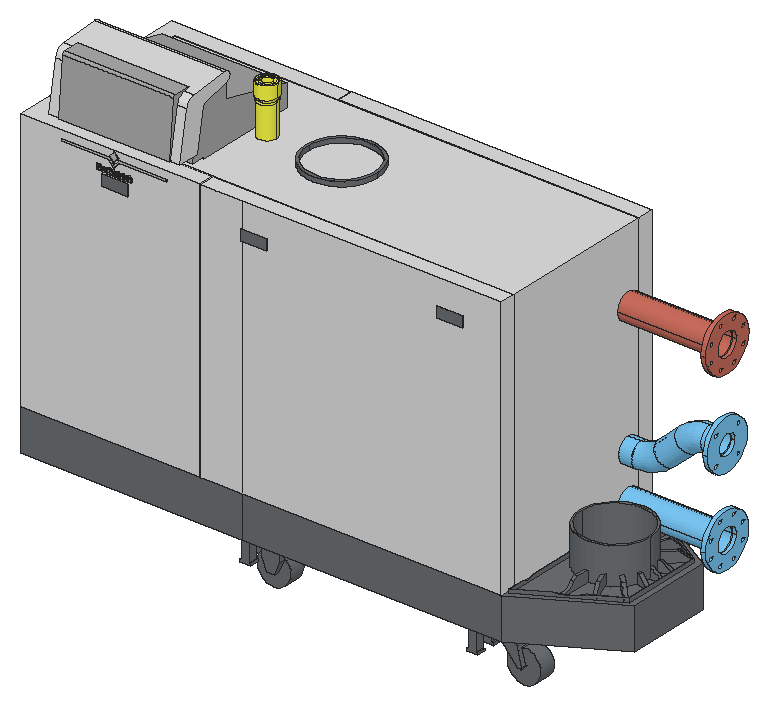
Revit family "HC_Boiler_Condensate Flow_MEPcontent_De Dietrich Thermique_C 340 8-10_Right_FR-FR", category Mechanical Equipment, Revit 2018
Family settings
  Round Connector Dimension = Use Diameter
  Classification = None
  Part Type = Normal
  OmniClass Number = 23.75.10.11.14
  OmniClass Title = Hot Water Heat Generators
  Work Plane-Based = No
  Always vertical = Yes
  Cut with Voids When Loaded = No
  Shared = No
  Room Calculation Point = No
Parameters (values of type "500 VD")
  Yellow = Color RGB 255-255-000
  Wholesaler Art. No. = ""
  Wholesaler = ""
  White = Color RGB 219-219-219
  Watermarked By = "https://mep.trimble.com"
  Voltage = 230 V
  Use Nominal Diameter = yes
  URL = "https://mep.trimble.com"
  Supply Air Flow [instance] = 0.0 L/s
  Stabu Code = ""
  Show Service Space [instance] = no
  Safety Valve Diameter = if(Use Nominal Diameter, 65 mm, 76.1 mm)  # 65 mm
  Safety Valve Connection Size = 40 mm
  Power [instance] = 0 VA
  Optional Connection [instance] = yes
  Logo = Color RGB 165-173-178
  Control Unit on Back [instance] = no
  Revit Version = "2018"  # constant formula
  Red = Color RAL 2002
  Product Line = "De Dietrich Thermique"  # constant formula
  Pipe Type Category = "M561"  # constant formula
  Phase = 1
  Overall Width = 707 mm
  Overall Length = 2172 mm
  Overall Height = 1550 mm
  Model = "500 VD"
  Manufacturer URL = "http://pro.dedietrich-thermique.fr/fr/site_pro"
  Manufacturer Art. No. = "7769081"
  Manufacturer = "De Dietrich Thermique"  # constant formula
  MEPcontent Class = "BOILER_CONDENSATE_FLOW"  # constant formula
  Light Gray = Color RGB 145-145-145
  Control Unit on Side [instance] = not(Control Unit on Back)  # yes
  Internal Art. No. = ""
  IFCExportType = "NOTDEFINED"  # constant formula
  IFCExportAs = "IfcBoiler"  # constant formula
  Hydronic Supply Flow 1 [instance] = Hydronic Return Flow 1  # 0.0 L/s
  Hydronic Return Flow 2 [instance] = 0.0 L/s
  Hydronic Return Flow 1 [instance] = 0.0 L/s
  Grey = Color RAL 7016
  Glass = Color RGB 218-227-224
  Gas Flow [instance] = 0.0 L/s
  GTIN = "8713809338916"
  GLN = "8713809000004"
  Function Code [instance] = ""
  Fuel Connection Size = if(Use Nominal Diameter, 50 mm, 60.3 mm)  # 50 mm
  Flue Gas Flow [instance] = 0.0 L/s
  Flue Connection Size = 250 mm
  Flow and Return Connection Size = if(Use Nominal Diameter, 80 mm, 88.9 mm)  # 80 mm
  Family Version = "12.18"  # constant formula
  ETIM Article Class = "EC010232"  # constant formula
  EMCS Version = "4.0"  # constant formula
  Drain Fixture Units [instance] = 0
  Drain Connection Size = 20 mm
  Description = "C 340 - 500 VD"
  Custom = no
  Copyright = "© Trimble Europe BV"  # constant formula
  Content Supplier URL = "www.MEPcontent.com"
  Connector Placement [instance] = 115 mm  # constant formula
  Condensate Drain Size = 32 mm
  CB-NL Class = ""
  Blue = Color RGB 075-186-252
  Base Family Version = "12.19"  # constant formula
  Article Type = "500 VD"
  Article Description = "C 340 - 500 VD"
  Air Inlet Connection Size = 250 mm
  Access Clearance Top = 450 mm
  Access Clearance Right = 150 mm
  Access Clearance Rear = 300 mm
  Access Clearance Left = 800 mm
  Access Clearance Front = 800 mm
  Access Clearance Bottom = 0 mm
Reference planes
  plane 1 "Center (Front/Back)": y = 0
  plane 2: z = 0
  plane 3 "Center (Left/Right)": x = 0
  plane 4: y = 353.5
  plane 5: y = -353.5
  plane 6: z = 1550
  plane 7: z = 155
  plane 8: z = 1293
  plane 9: x = -713.5
  plane 10: z = 1023
  plane 11: z = 686
  plane 12: z = 366
  plane 13: y = 238.5
  plane 14: x = 1086
  plane 15: x = -1086
  plane 16: x = -1056
  plane 17: y = 238.5
  plane 18: y = 0.5
  plane 19: x = 166
  plane 20: z = 1477
Dimensions and locks
  equal spacing: plane 5, plane 1 "Center (Front/Back)", plane 4
  "Overall Width": plane 4 to plane 5
  "Overall Height": plane 6 to plane 2
  locked: plane 7 to plane 2 at 155
  plane 6 to plane 8 = 257 mm
  nested 1 to plane 4 = 300 mm
  plane 5 to nested 1 = 800 mm
  plane 8 to plane 7 = 1138 mm
  plane 4 to plane 13 = 115 mm
  equal spacing: plane 15, plane 3 "Center (Left/Right)", plane 14
  "Overall Length": plane 15 to plane 14
  plane 14 to plane 9 = 1799.5 mm
  plane 16 to plane 14 = 2142 mm
  locked: plane 12 to level at 366
  locked: plane 11 to plane 12 at 320
  locked: plane 10 to plane 11 at 337
  "Connector Placement": plane 4 to plane 17
  plane 8 to level = 1293 mm
  plane 4 to plane 18 = 353 mm
  plane 19 to plane 14 = 920 mm
  plane 20 to level = 1477 mm
  nested 1 to plane 15 = 150 mm
  aligned and locked: level to plane 2
Nested families
  nested 1: "Service Space" at (650, 0, 0), visible <- "Show Service Space", Show Service Area <- "Show Service Space", type "Service Space"
    with Show Service Area no, Depth 707 mm, Top Clearance 450 mm, Right Clearance 150 mm, Front Clearance 800 mm, Width 2172 mm, Height 1550 mm, Back Clearance 300 mm
  nested 2: "3D Geometry" at (0, 0, 0) x (-1, 0, 0) z (0, 0, 1), Control Unit on Back <- "Control Unit on Back", Optional Connection <- "Optional Connection", type "3D Geometry"
    with Supply Air Flow 0.0 L/s, Show Service Space no, Optional Connection yes, Hydronic Supply Flow 1 0.0 L/s, Hydronic Return Flow 2 0.0 L/s, Hydronic Return Flow 1 0.0 L/s, Gas Flow 0.0 L/s, Function Code "", Flue Gas Flow 0.0 L/s, Drain Fixture Units 0, Control Unit on Side yes, Control Unit on Back no, Connector Placement 115 mm
Connectors
  piping at (1086, 238.5, 366), diameter 80, driven by "Flow and Return Connection Size", driven by "Hydronic Return Flow 1"
    settings: on nested 2, index 1, connector inside diameter 609.6 mm, connector length 0 mm, flow factor 0, pipe flow 0.0 L/s, pressure drop 0.0 Pa, fitting loss kfactor 0, connector angle 0.00°, fixture units 0, engagement length 0 mm, angle of deflection 0.00°, flow configuration 1, flow direction 1, fitting loss method 0, system type 8, joint type 0, gender type 0, connector reference index -1, connector utility 0, adjustable connector no, is connector primary no, connector description "Hydronic Return 1[0]"
  piping at (1086, 238.5, 686), diameter 65, driven by "Safety Valve Diameter", driven by "Hydronic Return Flow 2"
    settings: on nested 2, index 2, connector inside diameter 609.6 mm, connector length 0 mm, flow factor 0, pipe flow 0.0 L/s, pressure drop 0.0 Pa, fitting loss kfactor 0, connector angle 0.00°, fixture units 0, engagement length 0 mm, angle of deflection 0.00°, flow configuration 0, flow direction 1, fitting loss method 0, system type 8, joint type 0, gender type 0, connector reference index -1, connector utility 0, adjustable connector no, is connector primary no, connector description "Hydronic Return 2[0]"
  piping at (1086, 238.5, 1023), diameter 80, driven by "Flow and Return Connection Size", driven by "Hydronic Supply Flow 1"
    settings: on nested 2, index 3, connector inside diameter 609.6 mm, connector length 0 mm, flow factor 0, pipe flow 0.0 L/s, pressure drop 0.0 Pa, fitting loss kfactor 0, connector angle 0.00°, fixture units 0, engagement length 0 mm, angle of deflection 0.00°, flow configuration 0, flow direction 2, fitting loss method 0, system type 7, joint type 0, gender type 0, connector reference index -1, connector utility 0, adjustable connector no, is connector primary yes, connector description "Hydronic Supply 1[0]"
  piping at (858.015, 0, 447), diameter 250, driven by "Flue Connection Size", driven by "Flue Gas Flow"
    settings: on nested 2, index 4, connector inside diameter 609.6 mm, connector length 0 mm, flow factor 0, pipe flow 0.0 L/s, pressure drop 0.0 Pa, fitting loss kfactor 0, connector angle 0.00°, fixture units 0, engagement length 0 mm, angle of deflection 0.00°, flow configuration 1, flow direction 2, fitting loss method 0, system type 22, joint type 0, gender type 0, connector reference index -1, connector utility 0, adjustable connector no, is connector primary no, connector description "Flue Gas"
  piping at (-445, 0.5, 1477), diameter 50, driven by "Fuel Connection Size", driven by "Gas Flow"
    settings: on nested 2, index 5, connector inside diameter 609.6 mm, connector length 0 mm, flow factor 0, pipe flow 0.0 L/s, pressure drop 0.0 Pa, fitting loss kfactor 0, connector angle 0.00°, fixture units 0, engagement length 0 mm, angle of deflection 0.00°, flow configuration 1, flow direction 1, fitting loss method 0, system type 22, joint type 0, gender type 0, connector reference index -1, connector utility 0, adjustable connector no, is connector primary no, connector description "Gas"
  piping at (-496.822, 0, 130), diameter 32, driven by "Condensate Drain Size", driven by "Drain Fixture Units"
    settings: on nested 2, index 6, connector inside diameter 609.6 mm, connector length 0 mm, flow factor 0, pipe flow 0.0 L/s, pressure drop 0.0 Pa, fitting loss kfactor 0, connector angle 0.00°, fixture units 0, engagement length 0 mm, angle of deflection 0.00°, flow configuration 3, flow direction 2, fitting loss method 0, system type 16, joint type 0, gender type 0, connector reference index -1, connector utility 0, adjustable connector no, is connector primary no, connector description "Drain"
  hvac at (-166, 0.5, 1310), driven by "Air Inlet Connection Size", driven by "Supply Air Flow"
    settings: on nested 2, index 7, duct flow 0.0 L/s, flow factor 0, pres drop 0.0 bar, loss coef 0, conn angle 0.00°, conn width 304.8 mm, conn height 304.8 mm, conn diameter 250 mm, duct sys type 1, conn prof type 0, flow config 1, flow direction 1, loss method 0, conn ref index -1, conn util no, is conn primary yes, conn desc "Supply Air"
  electrical at (-1087.347, -0.5, 800.5), driven by "Phase", driven by "Voltage", driven by "Power"
    settings: on nested 2, index 8, voltage 230 V, apparent load 0 VA, apparent load phase1 0 VA, apparent load phase2 0 VA, apparent load phase3 0 VA, power factor 1, load classification "Other", number of poles 1, system type 30, power factor state 1, is connector primary yes, connector utility no, sub classification motor no, connector description "Voltage"
Definition of nested family "3D Geometry"
  Parameters (values of type "3D Geometry")
    Yellow = none
    Wholesaler Art. No. = ""
    Wholesaler = ""
    White = none
    Weekly = ""
    Watermarked By = "www.stabiplan.com"
    Water Treatment Required = yes
    Water Content = 82.0 L
    Warranty ID = ""
    Voltage = 230 V
    Use Nominal Diameter = yes
    URL = "www.stabiplan.com"
    Type = "Space heating"
    Turndown Ratio = "4.9"
    Supply Phase = 1
    Supply Air Flow [instance] = 0.0 L/s
    Starting Current = 0 A
    Stabu Code = ""
    Sound Pressure Level = "81.4 dBA"
    Show Service Space [instance] = no
    Shipping Weight = 0.00 kg
    Shape = "Rectangular (Horizontal)"
    Safety Valve Diameter = if(Use Nominal Diameter, 65 mm, 76.1 mm)  # 65 mm
    Safety Valve Connection Type = "Threaded"
    Safety Valve Connection Size = 40 mm
    Optional Connection [instance] = no
    Logo = none
    Light Gray = none
    Control Unit on Back [instance] = no
    Revit Version = "2018"  # constant formula
    Responsible Sourcing of Materials = ""
    Responsible Extraction of Materials = ""
    Reference Standard = "2009/142EC 92/42EEC"
    Red = none
    Rated Output = 460 W
    Rated Criteria = "80/60"
    Quarterly = ""
    Product Range = "Gas 320 Ace 500"
    Product Model Number = ""
    Product Literature = "https://www.remeha.co.uk/product-documents/current-literature"
    Product Line = "Gas 320 Ace"  # constant formula
    Primary Fuel = "Gas - NG"
    Pipe Type Category = "M561"  # constant formula
    Phase = 1
    Overall Width = 707 mm
    Overall Length = 2172 mm
    Overall Height = 1550 mm
    Optional Fuel = "No Optional Fuel"
    Oil Consumption rate = 0
    O&M Manual = "https://www.remeha.co.uk/product-documents/current-literature"
    Nominal Oil Inlet Pressure = 0.0 bar
    Nominal Gas Inlet Pressure = 0.017 bar
    NOx Emissions = "0 mg/kWh"
    Mounting = "Floor Standing"
    Monthly = ""
    Model = "500"
    Minimum Power Consumption = 61 W
    Minimum Operating Pressure = 0.8 bar
    Minimum Oil Inlet Pressure = 0.0 bar
    Minimum Gas Inlet Pressure = 0.017 bar
    Minimum Flow Rate at 20C temperature differential = 5.61 L/s
    Minimum Flow Rate at 11C temperature differential = 10.2 L/s
    Maximum Power Consumption = 723 W
    Maximum Operating Pressure = 7.0 bar
    Maximum Oil Inlet Pressure = 0.0 bar
    Maximum Gas Inlet Pressure = 0.1 bar
    Material Ingredient Reporting = ""
    Manufacturer Website = "https://www.remeha.co.uk/"
    Manufacturer URL = "https://www.remeha.co.uk/"
    Manufacturer Art. No. = ""
    Manufacturer = "Remeha"  # constant formula
    Maintenance Required 8001-12000hrs = ""
    Maintenance Required 601-1000hrs = ""
    Maintenance Required 4001-8000hrs = ""
    Maintenance Required 301-600hrs = ""
    Maintenance Required 2001-4000hrs = ""
    Maintenance Required 1001-2000hrs = ""
    Maintenance Required 0-300hrs = ""
    MEPcontent Class = "BOILER_CONDENSATE_FLOW"  # constant formula
    Location of Manufacturer = ""
    Life Cycle Analysis = 0
    Control Unit on Side [instance] = if(Control Unit on Back, 1 = 0, 1 = 1)  # yes
    Internal Art. No. = ""
    Interlocks = yes
    IP Rating = "X1B"
    IK Rating = ""
    IFCExportType = "NOTDEFINED"  # constant formula
    IFCExportAs = "IfcBoiler"  # constant formula
    Hydronic Supply Flow 1 [instance] = Hydronic Return Flow 1  # 0.0 L/s
    Hydronic Return Flow 2 [instance] = 0.0 L/s
    Hydronic Return Flow 1 [instance] = 0.0 L/s
    Hydraulic Resistance at 20C temperature differential = 0.11 bar
    Hydraulic Resistance at 11C temperature differential = 0.364 bar
    Heater Operation = "Condensing"
    Heat Exchanger Material = "Aluminium"
    Gross Weight = 495.00 kg
    Grey = none
    Green Guide for Specification = ""
    Glass = none
    Gas Flow [instance] = 0.0 L/s
    Gas Consumption rate = "49.6 m3/h"
    GTIN = ""
    GLN = "8713809000004"
    Fuse Rating = 10 A
    Function Code [instance] = ""
    Full Load Current = 0 A
    Fuel Connection Type = "Threaded"
    Fuel Connection Size = if(Use Nominal Diameter, 50 mm, 60.3 mm)  # 50 mm
    Frequency = 50 Hz
    Flue or Air Intake Classification = "B23,B23P,C33,C53,C63,C83,C93"
    Flue Gas Flow [instance] = 0.0 L/s
    Flue Connection Size = 250 mm
    Flow and Return Connection Type = "Flanged"
    Flow and Return Connection Size = if(Use Nominal Diameter, 80 mm, 88.9 mm)  # 80 mm
    Finish = "Gloss Grade 70% ISO2813"
    Features = "Remeha's Gas 320 Ace 500 range are compact high efficiency floor standing gas condensing boilers. Ideally suited for single or multiple cascade arrangments for new and refurbishment projects"
    Family Version = "12.17"  # constant formula
    External Material = "Steel"
    Expected Life = "15"
    ErP Seasonal Efficiency = "0 %"
    ErP Rated Efficiency at Part Load = "0 %"
    ErP Rated Efficiency at Full Load = "0 %"
    ErP Energy Label = ""
    Environmental Product Declaration = ""
    Energy Technology List = ""
    ETIM Article Class = "EC010232"  # constant formula
    EMCS Version = "4.0"  # constant formula
    Drain Fixture Units [instance] = 0
    Embodied Carbon  = ""
    Drain Connection Type = "Unset"
    Drain Connection Size = 20 mm
    Description = "Gas condensing boilers"
    Daily = ""
    Custom = no
    Copyright = "© Stabiplan International BV"  # constant formula
    Control Type = "R-Bus,0 - 10V, Open Therm, Volt free enable, Direct boiler weather compensating control systems available from Remeha as optional extra's."
    Content Supplier URL = "www.MEPcontent.com"
    Connector Placement [instance] = 115 mm  # constant formula
    Configuration = "Single boiler"
    Condensate Drain Type = "Threaded"
    Condensate Drain Size = 32 mm
    Colour = "RAL 2002Red : RAL 7016 Dark Grey"
    CE Approval = "0063CU3937"
    CB-NL Class = ""
    Burner Control Type = "Modulating"
    Building Regulations Seasonal Efficiency = "0%"
    Blue = none
    Bespoke Timeframe = ""
    Base Family Version = "12.17"  # constant formula
    BMS Links = yes
    Article Type = "500"
    Article Description = "Gas condensing boilers"
    Annually = "As per attached URL O & M Manual"
    Air Inlet Connection Size = 250 mm
    Additional Technical Details = ""
    Access Clearance Top = 450 mm
    Access Clearance Right = 150 mm
    Access Clearance Rear = 300 mm
    Access Clearance Left = 800 mm
    Access Clearance Front = 800 mm
    Access Clearance Bottom = 0 mm
    6 Monthly = ""
  Reference planes
    plane 1 "Center (Front/Back)": y = 0
    plane 2: z = 0
    plane 3 "Center (Left/Right)": x = 0
    plane 4: y = 353.5
    plane 5: y = -353.5
    plane 6: z = 1550
    plane 7: z = 155
    plane 8: z = 1293
    plane 9: x = -713.5
    plane 10: z = 1023
    plane 11: z = 686
    plane 12: z = 366
    plane 13: y = 238.5
    plane 14: x = 1086
    plane 15: x = -1086
    plane 16: x = -1056
    plane 17: y = 238.5
    plane 18: y = 0.5
    plane 19: x = 166
    plane 20: z = 1477
  Forms (mm)
    Extrusion 1, solid, material <- "Grey", detail levels fine
      sketch origin (14.5, 351, 0) x (-1, 0, 0) y (0, -1, 0)
        loop
          line (-243, -2.5) -> (738, -2.5) -> (1070.5, 189.939) -> (1070.5, 508.061) -> (729.316, 704.5) -> (-243, 704.5) -> (-1071.5, 704.5) -> (-1071.5, -2.5) -> (-243, -2.5)
      from 155 to 310
    Extrusion 2, solid, material <- "Grey", detail levels fine
      sketch origin (-139.5, 247.05, 366) x (0, 0, -1) y (-1, 0, 0)
        loop
          circle (303.778, 614.479) r 62.485
      from -11.05 to 48.95
    Extrusion 3, solid, material <- "Grey", detail levels fine
      sketch origin (-139.5, 247.05, 366) x (0, 0, -1) y (-1, 0, 0)
        loop
          line (211, 594.5) -> (211, 519.5) -> (308.122, 600.995) -> (308.122, 614.5)
          arc (308.122, 614.5) -> (306.314, 618.167) -> (302.304, 618.965) r 4.622
          line (302.304, 618.965) -> (211, 594.5)
      from 0 to 63.95
    Extrusion 4, solid, material <- "Grey", detail levels fine
      sketch origin (14.5, 247.05, 366) x (0, 0, -1) y (-1, 0, 0)
        loop
          line (296, 584.5) -> (296, 578.287) -> (306, 578.287) -> (306, 620.713) -> (296, 620.713) -> (296, 614.5) -> (211, 614.5) -> (211, 584.5) -> (296, 584.5)
      from -24.05 to 5.95
    Extrusion 5, solid, material <- "Grey", detail levels fine
      sketch origin (14.5, 302.436, 366) x (0, 0, -1) y (1, 0, 0)
        loop
          line (296, -584.5) -> (211, -584.5) -> (211, -614.5) -> (296, -614.5) -> (296, -620.713) -> (306, -620.713) -> (306, -578.287) -> (296, -578.287) -> (296, -584.5)
      from -24.05 to 5.95
    Extrusion 6, solid, material <- "Grey", detail levels fine
      sketch origin (-139.5, -247.05, 366) x (0, 0, -1) y (1, 0, 0)
        loop
          circle (303.778, -614.479) r 62.485
      from -11.05 to 48.95
    Extrusion 7, solid, material <- "Grey", detail levels fine
      sketch origin (-139.5, -247.05, 366) x (0, 0, -1) y (1, 0, 0)
        loop
          line (211, -594.5) -> (302.304, -618.965)
          arc (302.304, -618.965) -> (306.314, -618.167) -> (308.122, -614.5) r 4.622
          line (308.122, -614.5) -> (308.122, -600.995) -> (211, -519.5) -> (211, -594.5)
      from 0 to 63.95
    Extrusion 8, solid, material <- "Grey", detail levels fine
      sketch origin (14.5, -247.05, 366) x (0, 0, -1) y (1, 0, 0)
        loop
          line (296, -584.5) -> (211, -584.5) -> (211, -614.5) -> (296, -614.5) -> (296, -620.713) -> (306, -620.713) -> (306, -578.287) -> (296, -578.287) -> (296, -584.5)
      from -24.05 to 5.95
    Extrusion 9, solid, material <- "Grey", detail levels fine
      sketch origin (14.5, -302.436, 366) x (0, 0, -1) y (-1, 0, 0)
        loop
          line (296, 584.5) -> (296, 578.287) -> (306, 578.287) -> (306, 620.713) -> (296, 620.713) -> (296, 614.5) -> (211, 614.5) -> (211, 584.5) -> (296, 584.5)
      from -24.05 to 5.95
    Extrusion 10, solid, material <- "Grey", detail levels fine
      sketch origin (1019.5, 247.05, 366) x (0, 0, -1) y (-1, 0, 0)
        loop
          circle (303.778, 837.172) r 62.485
      from -11.05 to 48.95
    Extrusion 11, solid, material <- "Grey", detail levels fine
      sketch origin (1019.5, 247.05, 366) x (0, 0, -1) y (-1, 0, 0)
        loop
          line (268.896, 872.18) -> (211, 872.18) -> (211, 802.164) -> (268.896, 802.164) -> (316.024, 822.169) -> (316.024, 852.176) -> (268.896, 872.18)
      from 0 to 63.95
    Extrusion 12, solid, material <- "Grey", detail levels fine
      sketch origin (1019.5, 247.05, 366) x (0, 0, -1) y (-1, 0, 0)
        loop
          line (296, 739.5) -> (296, 733.287) -> (306, 733.287) -> (306, 775.713) -> (296, 775.713) -> (296, 769.5) -> (211, 769.5) -> (211, 739.5) -> (296, 739.5)
      from -24.05 to 5.95
    Extrusion 13, solid, material <- "Grey", detail levels fine
      sketch origin (1019.5, 302.436, 366) x (0, 0, -1) y (1, 0, 0)
        loop
          line (296, -739.5) -> (211, -739.5) -> (211, -769.5) -> (296, -769.5) -> (296, -775.713) -> (306, -775.713) -> (306, -733.287) -> (296, -733.287) -> (296, -739.5)
      from -24.05 to 5.95
    Extrusion 14, solid, material <- "Grey", detail levels fine
      sketch origin (1019.5, -247.05, 366) x (0, 0, -1) y (1, 0, 0)
        loop
          circle (303.778, -837.172) r 62.485
      from -11.05 to 48.95
    Extrusion 15, solid, material <- "Grey", detail levels fine
      sketch origin (1019.5, -247.05, 366) x (0, 0, -1) y (1, 0, 0)
        loop
          line (211, -802.164) -> (211, -872.18) -> (268.896, -872.18) -> (316.024, -852.176) -> (316.024, -822.169) -> (268.896, -802.164) -> (211, -802.164)
      from 0 to 63.95
    Extrusion 16, solid, material <- "Grey", detail levels fine
      sketch origin (1019.5, -247.05, 366) x (0, 0, -1) y (1, 0, 0)
        loop
          line (296, -739.5) -> (211, -739.5) -> (211, -769.5) -> (296, -769.5) -> (296, -775.713) -> (306, -775.713) -> (306, -733.287) -> (296, -733.287) -> (296, -739.5)
      from -24.05 to 5.95
    Extrusion 17, solid, material <- "Grey", detail levels fine
      sketch origin (1019.5, -302.436, 366) x (0, 0, -1) y (-1, 0, 0)
        loop
          line (296, 739.5) -> (296, 733.287) -> (306, 733.287) -> (306, 775.713) -> (296, 775.713) -> (296, 769.5) -> (211, 769.5) -> (211, 739.5) -> (296, 739.5)
      from -24.05 to 5.95
    Extrusion 18, solid, material <- "White", detail levels fine
      sketch origin (14.5, 351, 0) x (-1, 0, 0) y (0, -1, 0)
        loop
          line (728, -2.5) -> (728, 59.5) -> (-243, 59.5) -> (-1010, 59.5) -> (-1010, 643.5) -> (728, 643.5) -> (728, 704.5) -> (-243, 704.5) -> (-1071.5, 704.5) -> (-1071.5, -2.5) -> (-243, -2.5) -> (728, -2.5)
      from 310 to 1293
    Extrusion 19, solid, material <- "White", detail levels fine
      sketch origin (14.5, 351, 0) x (-1, 0, 0) y (0, -1, 0)
        loop
          line (-243, 59.5) -> (728, 59.5) -> (728, 643.5) -> (-1010, 643.5) -> (-1010, 59.5) -> (-243, 59.5)
      from 310 to 1293
    Extrusion 20, solid, material <- "Grey", detail levels fine
      sketch origin (14.5, 247.05, 366) x (0, 0, -1) y (-1, 0, 0)
        loop
          line (248.233, -439.5) -> (248.233, -429.5) -> (361, -429.5) -> (361, -389.5) -> (331, -389.5) -> (331, -312.5) -> (211, -312.5) -> (211, -439.5) -> (248.233, -439.5)
      from -312.05 to -182.05
    Extrusion 21, solid, material <- "Grey", detail levels fine
      sketch origin (156.992, 244.407, 366) x (0, 0, -1) y (-1, 0, 0)
        loop
          line (-832.014, -102.008) -> (-791.002, -102.008) -> (-791.002, -5.004) -> (-832.014, -5.004) -> (-832.014, -102.008)
        loop
          line (-832.014, 631.488) -> (-791.002, 631.488) -> (-791.002, 728.492) -> (-832.014, 728.492) -> (-832.014, 631.488)
        loop
          line (-832.014, -625.006) -> (-791.002, -625.006) -> (-791.002, -528.002) -> (-832.014, -528.002) -> (-832.014, -625.006)
      from -598.107 to -594.706
    Extrusion 22, solid, material <- "White", detail levels fine
      sketch origin (169.5, 351, 0) x (0, 1, 0) y (0, 0, -1)
        loop
          line (-137, -310) -> (-566, -310) -> (-566, -1291) -> (-137, -1291) -> (-137, -310)
      from -917.847 to -916.5
    Extrusion 23, solid, material <- "Grey", detail levels fine
      sketch origin (-139.5, 351.032, 0) x (0, 1, 0) y (0, 0, -1)
        loop
          line (-595.437, -310) -> (-595.437, -317.361)
          arc (-595.437, -317.361) -> (-568.185, -321.879) -> (-547.708, -340.419) r 49
          line (-547.708, -340.419) -> (-528.796, -349.5) -> (-479.796, -349.5) -> (-479.796, -310) -> (-595.437, -310)
      from 710.659 to 722.721
    Extrusion 24, solid, material <- "Grey", detail levels fine
      sketch origin (-139.5, -351, 0) x (0, -1, 0) y (0, 0, 1)
        loop
          line (-481.432, 349.5) -> (-530.453, 349.5) -> (-596.711, 320) -> (-596.711, 310) -> (-481.432, 310) -> (-481.432, 349.5)
      from 710.659 to 722.721
    Extrusion 25, solid, material <- "Grey", detail levels fine
      sketch origin (87.682, -23.833, 0) x (0.374607, -0.927184, 0) y (0, 0, 1)
        loop
          line (-505.854, 349.5) -> (-556.289, 349.5) -> (-595.437, 317.5) -> (-595.437, 310) -> (-505.854, 310) -> (-505.854, 349.5)
      from 865.159 to 877.221
    Extrusion 26, solid, material <- "Grey", detail levels fine
      sketch origin (13.727, 367.176, 0) x (0.71934, -0.694658, 0) y (0, 0, 1)
        loop
          line (-501.507, 349.5) -> (-556.289, 349.5) -> (-597.292, 316.102) -> (-597.292, 310) -> (-501.507, 310) -> (-501.507, 349.5)
      from 865.159 to 877.221
    Extrusion 27, solid, material <- "Grey", detail levels fine
      sketch origin (-183.587, 691.406, 0) x (0.945519, -0.325568, 0) y (0, 0, 1)
        loop
          line (-541.08, 349.5) -> (-556.289, 349.5) -> (-594.41, 318.274) -> (-594.41, 310) -> (-541.08, 310) -> (-541.08, 349.5)
      from 865.159 to 877.221
    Extrusion 28, solid, material <- "Grey", detail levels fine
      sketch origin (-592.442, 872.84, 0) x (1, 0, 0) y (0, 0, 1)
        loop
          line (-394.689, 349.5) -> (-401.789, 349.5) -> (-438.646, 321.726) -> (-438.646, 310) -> (-394.689, 310) -> (-394.689, 349.5)
      from 865.159 to 877.221
    Extrusion 29, solid, material <- "Grey", detail levels fine
      sketch origin (-183.587, -691.406, 0) x (0.945519, 0.325568, 0) y (0, 0, -1)
        loop
          line (-542.69, -349.5) -> (-542.69, -310) -> (-593.583, -310) -> (-593.583, -318.897) -> (-556.289, -349.5) -> (-542.69, -349.5)
      from 865.159 to 877.221
    Extrusion 30, solid, material <- "Grey", detail levels fine
      sketch origin (87.682, 23.833, 0) x (0.374607, 0.927184, 0) y (0, 0, -1)
        loop
          line (-503.593, -349.5) -> (-503.593, -312.5) -> (-591.94, -312.5) -> (-591.94, -320.842) -> (-553.909, -349.5) -> (-503.593, -349.5)
      from 865.159 to 877.221
    Extrusion 31, solid, material <- "Grey", detail levels fine
      sketch origin (-139.5, 351, 0) x (-1, 0, 0) y (0, -1, 0)
        loop
          line (583, 680.368) -> (583, 21.632) -> (892.5, 200.829) -> (892.5, 502.171) -> (583, 680.368)
        loop
          line (586, 675.179) -> (586, 26.821) -> (889.5, 202.563) -> (889.5, 500.437) -> (586, 675.179)
      from 310 to 324.816
    Extrusion 32, solid, material <- "Grey", detail levels fine
      sketch origin (-139.5, 351, 0) x (-1, 0, 0) y (0, -1, 0)
        loop
          circle (718.515, 351) r 125
        loop
          circle (718.515, 351) r 132
      from 310 to 447
    Extrusion 33, solid, material <- "Blue", detail levels fine
      sketch origin (-140.5, 349.5, -2.5) x (0, 1, 0) y (0, 0, -1)
        loop
          circle (-111, -368.5) r 44.45
        loop
          circle (-111, -368.5) r 49
      from 573 to 928.5
    Extrusion 34, solid, material <- "Red", detail levels fine
      sketch origin (-140.5, 340.125, 650.996) x (0, 1, 0) y (0, 0, -1)
        loop
          circle (-101.625, -372.004) r 44.45
        loop
          circle (-101.625, -372.004) r 49
      from 573 to 928.5
    Extrusion 35, solid, material <- "Grey", detail levels fine
      sketch origin (13.054, 351.5, 0) x (-1, 0, 0) y (0, -1, 0)
        loop
          circle (-152.946, 351) r 125
        loop
          circle (-152.946, 351) r 135
      from 1293 to 1310
    Extrusion 36, solid, material <- "Yellow", detail levels fine
      sketch origin (169.5, 351.5, 0) x (-1, 0, 0) y (0, -1, 0)
        loop
          circle (-275.5, 351) r 30.15
        loop
          circle (-275.316, 351) r 35
      from 1293 to 1477
    Extrusion 37, solid, material <- "Grey", detail levels fine
      sketch origin (14.5, 351, 0) x (-1, 0, 0) y (0, -1, 0)
        loop
          circle (-482.322, 351) r 21.2
      from 130 to 155
    Sweep 38, solid, material <- "Blue", visible <- "Optional Connection", detail levels fine
      path origin (-140.5, 239.5, 363.5) x (0, 0, -1) y (-1, 0, 0)
        loop
          line (-322.5, 928.5) -> (-322.5, 883.79)
          arc (-322.5, 883.79) -> (-313.786, 837.936) -> (-288.859, 798.476) r 125
          line (-288.859, 798.476) -> (-215.434, 719.847)
          arc (-215.434, 719.847) -> (-187.516, 675.652) -> (-177.756, 624.296) r 140
          line (-177.756, 624.296) -> (-177.756, 574) -> (-177.756, 573)
      profile origin (-1046.645, 239.5, 686) x (0, 0, -1) y (0, 1, 0)
        loop
          circle (0, 0) r 45.7
        loop
          circle (0, -0.156) r 38.05
    Extrusion 39, void
      sketch origin (324, 988.676, 5) x (0, 1, 0) y (0, 0, 1)
        loop
          line (-1342.176, 1288) -> (-1342.176, 150) -> (-1334.676, 150) -> (-1334.676, 1280.903) -> (-642.676, 1280.903) -> (-642.676, 150) -> (-635.176, 150) -> (-635.176, 1288) -> (-1342.176, 1288)
      from 87 to 90.5
    Extrusion 40, solid, material <- "Red", detail levels fine
      sketch origin (15, 2125.587, -334.845) x (0, 1, 0) y (0, 0, 1)
        loop
          circle (-1887.087, 1357.845) r 99.5
        loop
          circle (-1917.587, 1431.845) r 9
        loop
          circle (-1854.313, 1431.845) r 9
        loop
          circle (-1917.587, 1283.845) r 9
        loop
          circle (-1854.313, 1283.845) r 9
        loop
          circle (-1812.087, 1388.345) r 9
        loop
          circle (-1812.087, 1327.345) r 9
        loop
          circle (-1961.087, 1388.345) r 9
        loop
          circle (-1961.087, 1327.345) r 9
        loop
          circle (-1887.087, 1357.845) r 44.45
      from -1101 to -1084
    Extrusion 41, solid, material <- "Blue", detail levels fine
      sketch origin (15, 2134.458, -990.844) x (0, 1, 0) y (0, 0, 1)
        loop
          circle (-1895.958, 1356.844) r 99.5
        loop
          circle (-1928.731, 1430.844) r 9
        loop
          circle (-1865.458, 1430.844) r 9
        loop
          circle (-1928.731, 1282.844) r 9
        loop
          circle (-1865.458, 1282.844) r 9
        loop
          circle (-1823.231, 1387.344) r 9
        loop
          circle (-1823.231, 1326.344) r 9
        loop
          circle (-1972.231, 1387.344) r 9
        loop
          circle (-1972.231, 1326.344) r 9
        loop
          circle (-1895.958, 1356.844) r 44.45
      from -1101 to -1084
    Extrusion 42, solid, material <- "Blue", visible <- "Optional Connection", detail levels fine
      sketch origin (15, 2126.134, -669.844) x (0, 1, 0) y (0, 0, 1)
        loop
          circle (-1886.54, 1355.844) r 92.5
        loop
          circle (-1940.079, 1407.109) r 9
        loop
          circle (-1887.634, 1355.844) r 38.05
        loop
          circle (-1940.079, 1304.579) r 9
        loop
          circle (-1835.275, 1407.109) r 9
        loop
          circle (-1835.275, 1304.579) r 9
      from -1101 to -1084
    Revolve 43, solid, material <- "Yellow", detail levels fine
      sketch origin (169.5, 0.5, 364) x (0, 0, -1) y (-1, 0, 0)
        loop
          line (-1113, -314.329) -> (-1064.5, -314.329) -> (-1055.271, -311.229) -> (-1047.5, -311.229) -> (-1047.5, -296.329) -> (-1113, -296.329) -> (-1113, -314.329)
        axis (-1113, -275.5) -> (-1047.5, -275.5)
      angle from 0 to 360
    Extrusion 44, void
      sketch origin (169.5, 343.176, 0) x (1, 0, 0) y (0, 1, 0)
        loop
          circle (275.5, -342.7) r 25.4
      from 1289 to 1475
    Extrusion 45, solid, detail levels coarse+medium
      sketch origin (14.5, 351, 0) x (-1, 0, 0) y (0, -1, 0)
        loop
          line (-238.5, -2.5) -> (738, -2.5) -> (1070.5, 188.939) -> (1070.5, 508.061) -> (729.316, 704.5) -> (-238.5, 704.5) -> (-1067, 704.5) -> (-1067, -2.5) -> (-238.5, -2.5)
      from 155 to 310
    Extrusion 46, solid, detail levels coarse+medium
      sketch origin (-139.5, 247.05, 366) x (0, 0, -1) y (-1, 0, 0)
        loop
          circle (303.778, 614.479) r 62.485
      from -11.05 to 48.95
    Extrusion 47, solid, detail levels coarse+medium
      sketch origin (-139.5, 247.05, 366) x (0, 0, -1) y (-1, 0, 0)
        loop
          line (211, 594.5) -> (211, 519.5) -> (308.122, 600.995) -> (308.122, 614.5)
          arc (308.122, 614.5) -> (306.314, 618.167) -> (302.304, 618.965) r 4.622
          line (302.304, 618.965) -> (211, 594.5)
      from 0 to 63.95
    Extrusion 48, solid, detail levels coarse+medium
      sketch origin (-139.5, -247.05, 366) x (0, 0, -1) y (1, 0, 0)
        loop
          circle (303.778, -614.479) r 62.485
      from -11.05 to 48.95
    Extrusion 49, solid, detail levels coarse+medium
      sketch origin (-139.5, -247.05, 366) x (0, 0, -1) y (1, 0, 0)
        loop
          line (211, -594.5) -> (302.304, -618.965)
          arc (302.304, -618.965) -> (306.314, -618.167) -> (308.122, -614.5) r 4.622
          line (308.122, -614.5) -> (308.122, -600.995) -> (211, -519.5) -> (211, -594.5)
      from 0 to 63.95
    Extrusion 50, solid, detail levels coarse+medium
      sketch origin (1019.5, 247.05, 366) x (0, 0, -1) y (-1, 0, 0)
        loop
          circle (303.778, 837.172) r 62.485
      from -11.05 to 48.95
    Extrusion 51, solid, detail levels coarse+medium
      sketch origin (1019.5, 247.05, 366) x (0, 0, -1) y (-1, 0, 0)
        loop
          line (268.896, 872.18) -> (211, 872.18) -> (211, 802.164) -> (268.896, 802.164) -> (316.024, 822.169) -> (316.024, 852.176) -> (268.896, 872.18)
      from 0 to 63.95
    Extrusion 52, solid, detail levels coarse+medium
      sketch origin (1019.5, -247.05, 366) x (0, 0, -1) y (1, 0, 0)
        loop
          circle (303.778, -837.172) r 62.485
      from -11.05 to 48.95
    Extrusion 53, solid, detail levels coarse+medium
      sketch origin (1019.5, -247.05, 366) x (0, 0, -1) y (1, 0, 0)
        loop
          line (211, -802.164) -> (211, -872.18) -> (268.896, -872.18) -> (316.024, -852.176) -> (316.024, -822.169) -> (268.896, -802.164) -> (211, -802.164)
      from 0 to 63.95
    Extrusion 54, solid, detail levels coarse+medium
      sketch origin (-139.5, 351, 0) x (-1, 0, 0) y (0, -1, 0)
        loop
          circle (718.515, 351) r 125
        loop
          circle (718.515, 351) r 132
      from 310 to 447
    Extrusion 55, solid, detail levels coarse+medium
      sketch origin (-140.5, 349.5, -2.5) x (0, 1, 0) y (0, 0, -1)
        loop
          circle (-111, -368.5) r 44.45
        loop
          circle (-111, -368.5) r 49
      from 573 to 928.5
    Extrusion 56, solid, detail levels coarse+medium
      sketch origin (-140.5, 340.125, 650.996) x (0, 1, 0) y (0, 0, -1)
        loop
          circle (-101.625, -372.004) r 44.45
        loop
          circle (-101.625, -372.004) r 49
      from 573 to 928.5
    Sweep 57, solid, visible <- "Optional Connection", detail levels coarse+medium
      path origin (-140.5, 239.5, 363.5) x (0, 0, -1) y (-1, 0, 0)
        loop
          line (-322.5, 928.5) -> (-322.5, 883.79)
          arc (-322.5, 883.79) -> (-313.786, 837.936) -> (-288.859, 798.476) r 125
          line (-288.859, 798.476) -> (-215.434, 719.847)
          arc (-215.434, 719.847) -> (-187.516, 675.652) -> (-177.756, 624.296) r 140
          line (-177.756, 624.296) -> (-177.756, 574) -> (-177.756, 573)
      profile origin (-1046.645, 239.5, 686) x (0, 0, -1) y (0, 1, 0)
        loop
          circle (0, 0) r 45.7
        loop
          circle (0, -0.156) r 38.05
    Extrusion 58, solid, detail levels coarse+medium
      sketch origin (14, 2125.587, -334.845) x (0, 1, 0) y (0, 0, 1)
        loop
          circle (-1887.087, 1357.845) r 99.5
        loop
          circle (-1887.087, 1357.845) r 44.45
      from -1100 to -1083
    Extrusion 59, solid, detail levels coarse+medium
      sketch origin (14, 2134.458, -990.844) x (0, 1, 0) y (0, 0, 1)
        loop
          circle (-1895.958, 1356.844) r 99.5
        loop
          circle (-1895.958, 1356.844) r 44.45
      from -1100 to -1083
    Extrusion 60, solid, visible <- "Optional Connection", detail levels coarse+medium
      sketch origin (14, 2126.134, -669.844) x (0, 1, 0) y (0, 0, 1)
        loop
          circle (-1886.54, 1355.844) r 92.5
        loop
          circle (-1887.634, 1355.844) r 38.05
      from -1100 to -1083
    Extrusion 61, solid, detail levels coarse+medium
      sketch origin (14.5, 342.676, 0) x (1, 0, 0) y (0, 1, 0)
        loop
          line (-728, 10.824) -> (-728, -696.176) -> (1071.5, -696.176) -> (1071.5, 10.824) -> (-728, 10.824)
      from 310 to 1293
    Extrusion 62, solid, detail levels coarse+medium
      sketch origin (20.031, 351.5, 0) x (-1, 0, 0) y (0, -1, 0)
        loop
          circle (-145.969, 351) r 125
        loop
          circle (-145.969, 351) r 135
      from 1293 to 1310
    Extrusion 63, solid, detail levels coarse+medium
      sketch origin (169.5, 353.5, 0) x (-1, 0, 0) y (0, -1, 0)
        loop
          circle (-275.5, 353) r 30.15
        loop
          circle (-275.316, 353) r 35
      from 1293 to 1477
    Extrusion 64, solid, material <- "Grey", detail levels fine
      sketch origin (13.727, -367.176, 0) x (0.71934, 0.694658, 0) y (0, 0, -1)
        loop
          line (-501.507, -349.5) -> (-501.507, -312.5) -> (-597.292, -312.5) -> (-597.292, -318.602) -> (-556.289, -349.5) -> (-501.507, -349.5)
      from 865.159 to 877.221
    Extrusion 65, solid, material <- "White", visible <- "Control Unit on Back", detail levels fine
      sketch origin (-1129.853, 409.008, 5) x (-1, 0, 0) y (0, 0, -1)
        loop
          arc (-2002.01, -1545) -> (-1982.982, -1530.4) -> (-1995.869, -1510.172) r 17.75
          line (-1995.869, -1510.172) -> (-2099.387, -1481.222)
          arc (-2099.387, -1481.222) -> (-2104.421, -1479.137) -> (-2106.505, -1474.104) r 7.118
          line (-2106.505, -1474.104) -> (-2134.102, -1324.809) -> (-2214.226, -1324.809) -> (-2182.356, -1499.549)
          arc (-2182.356, -1499.549) -> (-2169.386, -1522.15) -> (-2145.45, -1532.451) r 41.208
          line (-2145.45, -1532.451) -> (-2002.01, -1545)
      from 165 to 655
    Extrusion 66, solid, material <- "Light Gray", visible <- "Control Unit on Back", detail levels fine
      sketch origin (-1129.853, 409.008, 5) x (-1, 0, 0) y (0, 0, -1)
        loop
          line (-2189.446, -1537.5) -> (-2126, -1537.5) -> (-2126, -1534.24) -> (-2146.45, -1532.451)
          arc (-2146.45, -1532.451) -> (-2169.988, -1522.094) -> (-2182.356, -1499.549) r 40
          line (-2182.356, -1499.549) -> (-2214.226, -1324.809) -> (-2134.102, -1324.809) -> (-2134.421, -1323) -> (-2215.853, -1323) -> (-2197.416, -1530.189)
          arc (-2197.416, -1530.189) -> (-2194.853, -1535.396) -> (-2189.446, -1537.5) r 8
      from 202.015 to 617
    Extrusion 67, solid, material <- "Light Gray", visible <- "Control Unit on Side", detail levels fine
      sketch origin (0, 0, 0) x (0, 1, 0) y (0, 0, 1)
        loop
          line (-124.748, 1293) -> (-124.748, 1521.887)
          arc (-124.748, 1521.887) -> (-129.055, 1517.69) -> (-134.516, 1515.172) r 17.75
          line (-134.516, 1515.172) -> (-238.035, 1487.435)
          arc (-238.035, 1487.435) -> (-243.068, 1485.35) -> (-245.153, 1480.317) r 7.118
          line (-245.153, 1480.317) -> (-278.358, 1298) -> (-225.147, 1298) -> (-225.147, 1293) -> (-124.748, 1293)
      from 500.5 to 967.5
    Extrusion 68, solid, material <- "Light Gray", visible <- "Control Unit on Side", detail levels fine
      sketch origin (0, 0, 0) x (0, 1, 0) y (0, 0, 1)
        loop
          line (160.5, 1376) -> (-124.748, 1450.205) -> (-124.748, 1293) -> (160.5, 1293) -> (160.5, 1376)
      from 500.5 to 967.5
    Extrusion 69, solid, material <- "Light Gray", visible <- "Control Unit on Side", detail levels fine
      sketch origin (324, 1862.353, 5) x (0, 1, 0) y (0, 0, 1)
        loop
          arc (-2189.446, 1537.5) -> (-2194.853, 1535.396) -> (-2197.416, 1530.189) r 8
          line (-2197.416, 1530.189) -> (-2215.853, 1323) -> (-2135.421, 1323) -> (-2135.102, 1324.809) -> (-2214.226, 1324.809) -> (-2182.356, 1499.549)
          arc (-2182.356, 1499.549) -> (-2169.988, 1522.094) -> (-2146.45, 1532.451) r 40
          line (-2146.45, 1532.451) -> (-2126, 1534.24) -> (-2126, 1537.5) -> (-2189.446, 1537.5)
      from 202.015 to 617
    Extrusion 70, solid, material <- "White", visible <- "Control Unit on Side", detail levels fine
      sketch origin (324, 1862.353, 5) x (0, 1, 0) y (0, 0, 1)
        loop
          line (-2003.01, 1545) -> (-2146.45, 1532.451)
          arc (-2146.45, 1532.451) -> (-2169.988, 1522.094) -> (-2182.356, 1499.549) r 40
          line (-2182.356, 1499.549) -> (-2214.226, 1324.809) -> (-2135.102, 1324.809) -> (-2107.505, 1475.317)
          arc (-2107.505, 1475.317) -> (-2105.421, 1480.35) -> (-2100.387, 1482.435) r 7.118
          line (-2100.387, 1482.435) -> (-1996.869, 1510.172)
          arc (-1996.869, 1510.172) -> (-1983.982, 1530.4) -> (-2003.01, 1545) r 17.75
      from 165 to 655
    Extrusion 71, solid, detail levels coarse+medium
      sketch origin (14.5, 351, 0) x (-1, 0, 0) y (0, -1, 0)
        loop
          circle (-482.322, 351) r 21.2
      from 130 to 155
    Extrusion 72, void
      sketch origin (0, 0, 0) x (0, 1, 0) y (0, 0, 1)
        loop
          circle (-238.5, 366) r 49
        loop
          circle (238.5, 366) r 49
      from -1086 to -713.5
    Extrusion 73, solid, material <- "Light Gray", visible <- "Control Unit on Back", detail levels fine
      sketch origin (732.5, 733.008, 0) x (-1, 0, 0) y (0, 0, -1)
        loop
          line (-123.748, -1293) -> (-224.147, -1293) -> (-224.147, -1298) -> (-277.358, -1298) -> (-244.153, -1480.317)
          arc (-244.153, -1480.317) -> (-242.068, -1485.35) -> (-237.035, -1487.435) r 7.118
          line (-237.035, -1487.435) -> (-133.516, -1515.172)
          arc (-133.516, -1515.172) -> (-128.055, -1517.69) -> (-123.748, -1521.887) r 17.75
          line (-123.748, -1521.887) -> (-123.748, -1293)
      from 500.5 to 967.5
    Extrusion 74, solid, material <- "Light Gray", visible <- "Control Unit on Back", detail levels fine
      sketch origin (732.5, 733.008, 0) x (-1, 0, 0) y (0, 0, -1)
        loop
          line (160.5, -1376) -> (160.5, -1293) -> (-123.748, -1293) -> (-123.748, -1450.205) -> (160.5, -1376)
      from 500.5 to 967.5
    Extrusion 75, solid, not visible
      sketch origin (-1086, 1912.105, 1200) x (0, 1, 0) y (0, 0, -1)
        loop
          circle (-1673.605, 177) r 5
        loop
          circle (-1673.605, 514) r 5
        loop
          circle (-1673.605, 834) r 5
      from 0 to -0.2
    Extrusion 76, solid, visible <- "Control Unit on Back", detail levels coarse+medium
      sketch origin (-1129.853, -245.992, 5) x (-1, 0, 0) y (0, 0, -1)
        loop
          line (-2145.45, -1532.451) -> (-2002.01, -1545) -> (-1986.101, -1545) -> (-1986.101, -1445.205) -> (-1700.853, -1371) -> (-1700.853, -1288) -> (-2086.503, -1288) -> (-2086.503, -1293) -> (-2139.713, -1293) -> (-2134.249, -1323) -> (-2214.556, -1323) -> (-2182.636, -1498.017)
          arc (-2182.636, -1498.017) -> (-2169.962, -1521.626) -> (-2145.45, -1532.451) r 41.208
      from 0 to -490
    Extrusion 77, solid, visible <- "Control Unit on Side", detail levels coarse+medium
      sketch origin (979, -1862.553, 5) x (0, -1, 0) y (0, 0, -1)
        loop
          line (-1720.599, -1545) -> (-1577.159, -1532.451)
          arc (-1577.159, -1532.451) -> (-1553.621, -1522.094) -> (-1541.252, -1499.549) r 40
          line (-1541.252, -1499.549) -> (-1509.053, -1323) -> (-1588.362, -1323) -> (-1582.898, -1293) -> (-1636.109, -1293) -> (-1636.109, -1288) -> (-2021.756, -1288) -> (-2021.756, -1371) -> (-1736.508, -1445.205) -> (-1736.508, -1545) -> (-1720.599, -1545)
      from 0 to -490
    Extrusion 78, solid, material <- "Grey", not visible, detail levels fine
      sketch origin (-139.5, 351.032, 0) x (0, 1, 0) y (0, 0, -1)
        loop
          line (-595.437, -310) -> (-595.437, -317.361)
          arc (-595.437, -317.361) -> (-568.185, -321.879) -> (-547.708, -340.419) r 49
          line (-547.708, -340.419) -> (-528.796, -349.5) -> (-479.796, -349.5) -> (-479.796, -310) -> (-595.437, -310)
      from 710.659 to 722.721
  Cuts and joins
    Extrusion 39 cuts Extrusion 18
    Extrusion 44 cuts Revolve 43
    Extrusion 72 cuts Extrusion 61
    joined: Extrusion 67, Extrusion 68
    Extrusion 72 cuts Extrusion 19
    Extrusion 72 cuts Extrusion 31
    Extrusion 72 cuts Extrusion 24
    joined: Extrusion 73, Extrusion 74
  Dimensions and locks
    equal spacing: plane 5, plane 1 "Center (Front/Back)", plane 4
    "Overall Width": plane 4 to plane 5
    "Overall Height": plane 6 to plane 2
    Extrusion 49 sketch curve to Extrusion 49 sketch curve to Extrusion 49 sketch curve to Extrusion 49 sketch curve = 18.127 mm locked, 6.495 mm locked, 75 mm locked
    Extrusion 47 sketch curve to Extrusion 47 sketch curve to Extrusion 47 sketch curve to Extrusion 47 sketch curve = 18.127 mm locked, 6.495 mm locked, 75 mm locked
    Extrusion 53 sketch curve to Extrusion 53 sketch curve to Extrusion 53 sketch curve to Extrusion 53 sketch curve = 20.005 mm locked, 30.007 mm locked, 20.005 mm locked
    Extrusion 51 sketch curve to Extrusion 51 sketch curve to Extrusion 51 sketch curve to Extrusion 51 sketch curve = 20.005 mm locked, 30.007 mm locked, 20.005 mm locked
    locked: Extrusion 54 sketch curve to Extrusion 54 sketch curve
    locked: Extrusion 56 sketch curve to Extrusion 56 sketch curve at 0  (x2)
    locked: Extrusion 55 sketch curve to Extrusion 55 sketch curve at 0  (x2)
    Extrusion 45 sketch curve to Extrusion 45 sketch curve = 383.673 mm
    Extrusion 45 sketch curve to Extrusion 61 = 10 mm
    Extrusion 45 sketch curve to Extrusion 61 = 1.316 mm
    locked: plane 7 to plane 2 at 155
    plane 6 to plane 8 = 257 mm
    plane 8 to plane 7 = 1138 mm
    plane 4 to plane 13 = 115 mm
    equal spacing: plane 15, plane 3 "Center (Left/Right)", plane 14
    "Overall Length": plane 15 to plane 14
    plane 14 to plane 9 = 1799.5 mm
    plane 16 to plane 14 = 2142 mm
    Extrusion 68 sketch curve to plane 5 = 514 mm
    Extrusion 68 sketch curve to cut or joined group of Extrusion 19, Extrusion 72 = 83 mm
    locked: plane 12 to level at 366
    locked: plane 11 to plane 12 at 320
    locked: plane 10 to plane 11 at 337
    "Connector Placement": plane 4 to plane 17
    Extrusion 62 to level = 1310 mm
    Extrusion 54 to level = 447 mm
    cut or joined group of Extrusion 61, Extrusion 72 to level = 310 mm
    Extrusion 71 to level = 130 mm
    plane 8 to level = 1293 mm
    locked: plane 1 "Center (Front/Back)" to Extrusion 23 at 128.764
    plane 4 to plane 18 = 353 mm
    plane 19 to plane 14 = 920 mm
    plane 20 to level = 1477 mm
    radius of Extrusion 35 sketch curve = 135 mm
    radius of Extrusion 35 sketch curve = 125 mm
    radius of Extrusion 6 sketch curve = 62.485 mm
    radius of Extrusion 2 sketch curve = 62.485 mm
    radius of Extrusion 14 sketch curve = 62.485 mm
    radius of Extrusion 10 sketch curve = 62.485 mm
    diameter of Extrusion 41 sketch curve = 88.9 mm
    diameter of Extrusion 33 sketch curve = 98 mm
    diameter of Extrusion 37 sketch curve = 42.4 mm
    radius of Extrusion 48 sketch curve = 62.485 mm
    radius of Extrusion 46 sketch curve = 62.485 mm
    radius of Extrusion 52 sketch curve = 62.485 mm
    radius of Extrusion 50 sketch curve = 62.485 mm
    diameter of Extrusion 59 sketch curve = 88.9 mm
    diameter of Extrusion 55 sketch curve = 98 mm
    diameter of Extrusion 71 sketch curve = 42.4 mm
    aligned and locked: level to plane 2
    aligned and locked: Extrusion 7 to Extrusion 1
    aligned and locked: Extrusion 9 to Extrusion 1
    aligned and locked: Extrusion 15 to Extrusion 1
    aligned and locked: Extrusion 17 to Extrusion 1
    aligned and locked: Extrusion 20 to Extrusion 1
    aligned and locked: Extrusion 37 to Extrusion 1
    aligned and locked: Extrusion 34 to Extrusion 18
    aligned and locked: Extrusion 33 to Extrusion 18
    aligned and locked: Extrusion 58 to Extrusion 40
    aligned and locked: Extrusion 56 to Extrusion 34
    aligned and locked: Extrusion 60 to Extrusion 42
    aligned and locked: Extrusion 59 to Extrusion 33
    aligned and locked: Extrusion 55 to Extrusion 33  (x2)
    aligned and locked: Extrusion 56 to Extrusion 58
    aligned and locked: Extrusion 40 to Extrusion 58
    aligned and locked: Extrusion 58 to Extrusion 60
    aligned and locked: Extrusion 58 to Extrusion 42
    aligned and locked: Extrusion 59 to Extrusion 58
    aligned and locked: Extrusion 41 to Extrusion 58
    aligned and locked: Extrusion 52 sketch curve to Extrusion 14
    aligned and locked: Extrusion 50 sketch curve to Extrusion 52
    aligned and locked: Extrusion 53 sketch curve to Extrusion 15  (x3)
    aligned and locked: Extrusion 51 sketch curve to Extrusion 11  (x3)
    aligned and locked: Extrusion 61 to Extrusion 18
    aligned and locked: Extrusion 62 to Extrusion 61
    aligned and locked: Extrusion 35 to Extrusion 61
    aligned and locked: Extrusion 63 to Extrusion 61
    aligned and locked: Extrusion 36 to Extrusion 61
    aligned and locked: Extrusion 45 to Extrusion 61
    aligned and locked: Extrusion 61 to Extrusion 22
    aligned and locked: Extrusion 31 to Extrusion 61
    aligned and locked: Extrusion 54 to Extrusion 61
    aligned and locked: Extrusion 32 to Extrusion 61
    aligned and locked: Extrusion 23 to Extrusion 45
    aligned and locked: Extrusion 24 to Extrusion 45
    aligned and locked: Extrusion 25 to Extrusion 45
    aligned and locked: Extrusion 26 to Extrusion 45
    aligned and locked: Extrusion 29 to Extrusion 45
    aligned and locked: Extrusion 28 to Extrusion 45
    aligned and locked: Extrusion 27 to Extrusion 45
    aligned and locked: Extrusion 61 sketch curve to plane 4
    aligned and locked: plane 5 to Extrusion 61 sketch curve
    aligned and locked: Extrusion 68 to Extrusion 67
    aligned and locked: Extrusion 67 to Extrusion 68
    aligned and locked: Extrusion 61 sketch curve to plane 14
    aligned and locked: Extrusion 45 to plane 16
    aligned and locked: plane 5 to Extrusion 45 sketch curve
    aligned and locked: Extrusion 45 sketch curve to plane 4
    aligned and locked: plane 17 to Extrusion 75 sketch curve
    aligned and locked: Extrusion 19 to Extrusion 35
  Automatic sketch dimensions
    Extrusion 1 sketch curve to plane 4 = 0 mm
    Extrusion 1 sketch curve to plane 14 = 0 mm
    Extrusion 1 sketch curve to plane 5 = 0 mm
    Extrusion 1 sketch curve to plane 16 = 0 mm
    plane 3 "Center (Left/Right)" to Extrusion 1 sketch curve = 257.5 mm  (x2)
    Extrusion 1 sketch curve to plane 9 = 1.316 mm
    Extrusion 1 sketch curve to plane 9 = 10 mm
    plane 13 to Extrusion 1 sketch curve = 77.439 mm
    plane 1 "Center (Front/Back)" to Extrusion 1 sketch curve = 157.061 mm
    level to Extrusion 2 sketch curve = 62.222 mm
    Extrusion 2 sketch curve to plane 9 = 40.479 mm
    Extrusion 3 sketch curve to plane 7 = 0 mm
    level to Extrusion 3 sketch curve = 63.696 mm
    Extrusion 3 sketch curve to Extrusion 3 sketch curve = 1.196 mm
    Extrusion 3 sketch curve to Extrusion 3 sketch curve = 4.622 mm
    plane 9 to Extrusion 3 sketch curve = 54.5 mm
    Extrusion 3 sketch curve to plane 9 = 20.5 mm
    Extrusion 3 sketch curve to plane 9 = 26.995 mm
    Extrusion 3 sketch curve to Extrusion 3 sketch curve = 13.505 mm
    Extrusion 4 sketch curve to plane 7 = 0 mm
    level to Extrusion 4 sketch curve = 70 mm
    Extrusion 4 sketch curve to Extrusion 4 sketch curve = 0 mm
    Extrusion 4 sketch curve to Extrusion 4 sketch curve = 10 mm
    plane 9 to Extrusion 4 sketch curve = 149.713 mm
    Extrusion 4 sketch curve to Extrusion 4 sketch curve = 6.213 mm  (x2)
    Extrusion 4 sketch curve to Extrusion 4 sketch curve = 30 mm
    Extrusion 5 sketch curve to plane 7 = 0 mm
    level to Extrusion 5 sketch curve = 70 mm
    Extrusion 5 sketch curve to Extrusion 5 sketch curve = 0 mm
    Extrusion 5 sketch curve to Extrusion 5 sketch curve = 10 mm
    plane 9 to Extrusion 5 sketch curve = 107.287 mm
    Extrusion 5 sketch curve to Extrusion 5 sketch curve = 6.213 mm  (x2)
    Extrusion 5 sketch curve to Extrusion 5 sketch curve = 30 mm
    level to Extrusion 6 sketch curve = 62.222 mm
    Extrusion 6 sketch curve to plane 9 = 40.479 mm
    Extrusion 7 sketch curve to plane 7 = 0 mm
    level to Extrusion 7 sketch curve = 63.696 mm
    Extrusion 7 sketch curve to Extrusion 7 sketch curve = 1.196 mm
    Extrusion 7 sketch curve to Extrusion 7 sketch curve = 4.622 mm
    Extrusion 7 sketch curve to plane 9 = 44.965 mm
    Extrusion 7 sketch curve to Extrusion 7 sketch curve = 13.505 mm
    Extrusion 7 sketch curve to plane 9 = 20.5 mm
    plane 9 to Extrusion 7 sketch curve = 54.5 mm
    Extrusion 8 sketch curve to plane 7 = 0 mm
    level to Extrusion 8 sketch curve = 70 mm
    Extrusion 8 sketch curve to Extrusion 8 sketch curve = 0 mm
    Extrusion 8 sketch curve to Extrusion 8 sketch curve = 10 mm
    plane 9 to Extrusion 8 sketch curve = 107.287 mm
    Extrusion 8 sketch curve to Extrusion 8 sketch curve = 6.213 mm  (x2)
    Extrusion 8 sketch curve to Extrusion 8 sketch curve = 30 mm
    Extrusion 9 sketch curve to plane 7 = 0 mm
    level to Extrusion 9 sketch curve = 70 mm
    Extrusion 9 sketch curve to Extrusion 9 sketch curve = 0 mm
    Extrusion 9 sketch curve to Extrusion 9 sketch curve = 10 mm
    plane 9 to Extrusion 9 sketch curve = 149.713 mm
    Extrusion 9 sketch curve to Extrusion 9 sketch curve = 6.213 mm  (x2)
    Extrusion 9 sketch curve to Extrusion 9 sketch curve = 30 mm
    level to Extrusion 10 sketch curve = 62.222 mm
    plane 3 "Center (Left/Right)" to Extrusion 10 sketch curve = 182.328 mm
    Extrusion 11 sketch curve to plane 7 = 0 mm
    Extrusion 11 sketch curve to plane 7 = 57.896 mm
    Extrusion 11 sketch curve to Extrusion 11 sketch curve = 57.896 mm
    level to Extrusion 11 sketch curve = 49.976 mm
    plane 3 "Center (Left/Right)" to Extrusion 11 sketch curve = 217.336 mm
    Extrusion 11 sketch curve to Extrusion 11 sketch curve = 20.005 mm
    Extrusion 11 sketch curve to Extrusion 11 sketch curve = 30.007 mm
    Extrusion 11 sketch curve to Extrusion 11 sketch curve = 70.016 mm
    Extrusion 12 sketch curve to plane 7 = 0 mm
    level to Extrusion 12 sketch curve = 70 mm
    Extrusion 12 sketch curve to Extrusion 12 sketch curve = 0 mm
    Extrusion 12 sketch curve to Extrusion 12 sketch curve = 10 mm
    plane 3 "Center (Left/Right)" to Extrusion 12 sketch curve = 286.213 mm
    Extrusion 12 sketch curve to Extrusion 12 sketch curve = 6.213 mm  (x2)
    Extrusion 12 sketch curve to Extrusion 12 sketch curve = 30 mm
    Extrusion 13 sketch curve to plane 7 = 0 mm
    level to Extrusion 13 sketch curve = 70 mm
    Extrusion 13 sketch curve to Extrusion 13 sketch curve = 0 mm
    Extrusion 13 sketch curve to Extrusion 13 sketch curve = 10 mm
    plane 3 "Center (Left/Right)" to Extrusion 13 sketch curve = 243.787 mm
    Extrusion 13 sketch curve to Extrusion 13 sketch curve = 6.213 mm  (x2)
    Extrusion 13 sketch curve to Extrusion 13 sketch curve = 30 mm
    level to Extrusion 14 sketch curve = 62.222 mm
    plane 3 "Center (Left/Right)" to Extrusion 14 sketch curve = 182.328 mm
    Extrusion 15 sketch curve to plane 7 = 0 mm
    Extrusion 15 sketch curve to plane 7 = 57.896 mm  (x2)
    level to Extrusion 15 sketch curve = 49.976 mm
    plane 3 "Center (Left/Right)" to Extrusion 15 sketch curve = 147.32 mm
    Extrusion 15 sketch curve to Extrusion 15 sketch curve = 20.005 mm  (x2)
    Extrusion 15 sketch curve to Extrusion 15 sketch curve = 30.007 mm
    Extrusion 16 sketch curve to plane 7 = 0 mm
    level to Extrusion 16 sketch curve = 70 mm
    Extrusion 16 sketch curve to Extrusion 16 sketch curve = 0 mm
    Extrusion 16 sketch curve to Extrusion 16 sketch curve = 10 mm
    plane 3 "Center (Left/Right)" to Extrusion 16 sketch curve = 243.787 mm
    Extrusion 16 sketch curve to Extrusion 16 sketch curve = 6.213 mm  (x2)
    Extrusion 16 sketch curve to Extrusion 16 sketch curve = 30 mm
    Extrusion 17 sketch curve to plane 7 = 0 mm
    level to Extrusion 17 sketch curve = 70 mm
    Extrusion 17 sketch curve to Extrusion 17 sketch curve = 0 mm
    Extrusion 17 sketch curve to Extrusion 17 sketch curve = 10 mm
    plane 3 "Center (Left/Right)" to Extrusion 17 sketch curve = 286.213 mm
    Extrusion 17 sketch curve to Extrusion 17 sketch curve = 6.213 mm  (x2)
    Extrusion 17 sketch curve to Extrusion 17 sketch curve = 30 mm
    Extrusion 18 sketch curve to plane 4 = 0 mm
    Extrusion 18 sketch curve to plane 14 = 0 mm
    Extrusion 18 sketch curve to plane 5 = 0 mm
    Extrusion 18 sketch curve to plane 9 = 0 mm  (x2)
    Extrusion 18 sketch curve to plane 14 = 61.5 mm
    plane 3 "Center (Left/Right)" to Extrusion 18 sketch curve = 257.5 mm  (x2)
    Extrusion 18 sketch curve to plane 13 = 53 mm
    Extrusion 18 sketch curve to Extrusion 18 sketch curve = 0 mm
    Extrusion 18 sketch curve to Extrusion 18 sketch curve = 61 mm
    Extrusion 19 sketch curve to plane 9 = 0 mm
    Extrusion 19 sketch curve to plane 13 = 53 mm
    plane 3 "Center (Left/Right)" to Extrusion 19 sketch curve = 257.5 mm
    Extrusion 19 sketch curve to plane 14 = 61.5 mm
    plane 5 to Extrusion 19 sketch curve = 61 mm
    Extrusion 20 sketch curve to plane 7 = 0 mm
    Extrusion 20 sketch curve to plane 7 = 37.233 mm
    level to Extrusion 20 sketch curve = 35 mm
    level to Extrusion 20 sketch curve = 5 mm
    plane 3 "Center (Left/Right)" to Extrusion 20 sketch curve = 454 mm
    Extrusion 20 sketch curve to Extrusion 20 sketch curve = 10 mm
    Extrusion 20 sketch curve to Extrusion 20 sketch curve = 40 mm
    Extrusion 20 sketch curve to Extrusion 20 sketch curve = 77 mm
    Extrusion 22 sketch curve to plane 8 = 2 mm
    plane 5 to Extrusion 22 sketch curve = 138.5 mm
    plane 13 to Extrusion 22 sketch curve = 24.5 mm
    Extrusion 22 sketch curve to plane 12 = 56 mm
    Extrusion 23 sketch curve to Extrusion 23 sketch curve = 18.912 mm
    Extrusion 23 sketch curve to Extrusion 23 sketch curve = 49 mm
    Extrusion 23 sketch curve to Extrusion 23 sketch curve = 7.361 mm
    Extrusion 24 sketch curve to plane 13 = 7.211 mm
    Extrusion 24 sketch curve to plane 12 = 16.5 mm
    plane 13 to Extrusion 24 sketch curve = 59.047 mm
    Extrusion 24 sketch curve to Extrusion 24 sketch curve = 49.021 mm
    Extrusion 24 sketch curve to plane 12 = 46 mm
    Extrusion 24 sketch curve to Extrusion 24 sketch curve = 39.5 mm
    Extrusion 25 sketch curve to plane 12 = 56 mm
    Extrusion 25 sketch curve to plane 12 = 16.5 mm
    Extrusion 25 sketch curve to Extrusion 25 sketch curve = 39.148 mm
    Extrusion 25 sketch curve to Extrusion 25 sketch curve = 50.435 mm
    Extrusion 25 sketch curve to Extrusion 25 sketch curve = 7.5 mm
    Extrusion 26 sketch curve to plane 12 = 56 mm
    Extrusion 26 sketch curve to plane 12 = 16.5 mm
    Extrusion 26 sketch curve to Extrusion 26 sketch curve = 41.003 mm
    Extrusion 26 sketch curve to Extrusion 26 sketch curve = 54.782 mm
    Extrusion 26 sketch curve to Extrusion 26 sketch curve = 6.102 mm
    Extrusion 27 sketch curve to plane 12 = 56 mm
    Extrusion 27 sketch curve to plane 12 = 16.5 mm
    Extrusion 27 sketch curve to Extrusion 27 sketch curve = 38.121 mm
    Extrusion 27 sketch curve to Extrusion 27 sketch curve = 15.209 mm
    Extrusion 27 sketch curve to Extrusion 27 sketch curve = 8.274 mm
